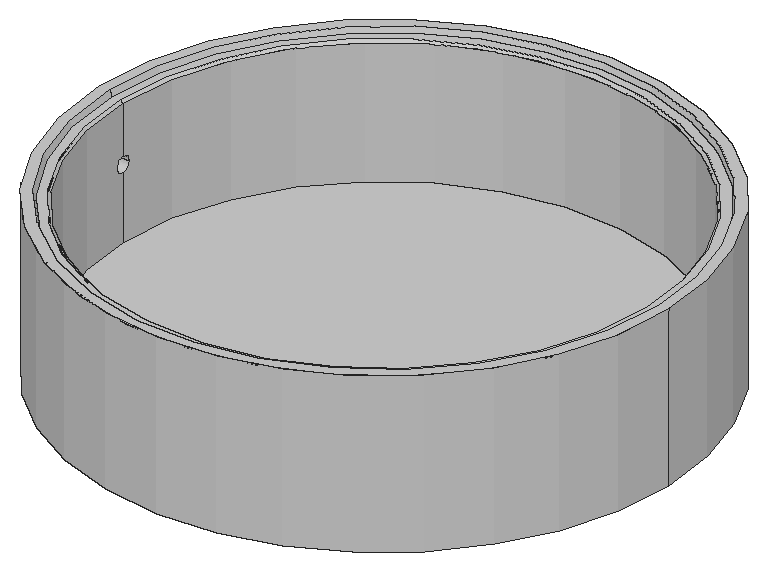
Revit family "KODF 20.6", category Фундамент несущей конструкции, Revit 2025
Family settings
  Материал для поведения модели = Прочее
  Заглушка = Нет
  Номер OmniClass = 23.25.05.00
  Заголовок OmniClass = Foundations
  На основе рабочей плоскости = Нет
  Всегда вертикально = Да
  При загрузке вырезать с полостями = Нет
  Общий = Нет
  Показывать семейство разрезанным на планах = Да
Parameters
  Петля = Петля_П1_П2 : П2
Reference planes
  plane 1 "По центру (Вперед/Назад)": y = -35
  plane 2: z = 0
  plane 3 "По центру (Влево/Вправо)": x = 0
  plane 4: z = 610
  plane 5: through (-1054.295, -4572, 590) normal (-0.9408, 0, -0.3389)
  plane 6: z = 590
  plane 7: z = 580
  plane 8: through (-1010, -4572, 580) normal (-0.7071, 0, -0.7071)
  plane 9: x = -1010
  plane 10: x = -1100
  plane 11: x = -1061.5
  plane 12: z = 370
  plane 13: x = -1090
  plane 14: x = 1010
  plane 15: x = 1100
  plane 16: x = 1090
  plane 17: through (1054.295, -4572, 590) normal (-0.9408, 0, 0.3389)
  plane 18: through (1010, -4572, 580) normal (-0.7071, 0, 0.7071)
  plane 19: x = 1061.5
Forms (mm)
  Extrusion 1, solid, material "Бетон В15"
    sketch origin (0, 0, 0) x (1, 0, 0) y (0, 1, 0)
      loop
        circle (0, -35) r 1100
      loop
        circle (0, -35) r 1010
    from 0 to 610
  Blend 2, void
    base sketch origin (0, 0, 0) x (1, 0, 0) y (0, 1, 0)
      loop
        circle (0, -35) r 1010
    top sketch origin (0, 0, 0) x (1, 0, 0) y (0, 1, 0)
      loop
        circle (0, -35) r 1020
    from 580 to 590
  Blend 3, void
    base sketch origin (0, 0, 0) x (1, 0, 0) y (0, 1, 0)
      loop
        circle (0, -35) r 1054.295
    top sketch origin (0, 0, 0) x (1, 0, 0) y (0, 1, 0)
      loop
        circle (0, -35) r 1061.5
    from 590 to 610
  Extrusion 4, void
    sketch origin (0, 0, 0) x (0, 1, 0) y (0, 0, 1)
      loop
        circle (-35, 370) r 30
    from -1090 to 1090
  Extrusion 5, solid, material "Бетон В15"
    sketch origin (0, 0, 0) x (1, 0, 0) y (0, 1, 0)
      loop
        circle (0, -35) r 1010
    from 0 to 100
Cuts and joins
  Blend 2, Blend 3, Extrusion 4 cuts Extrusion 1
  joined: Extrusion 1, Extrusion 5
Dimensions and locks
  plane 4 to level = 610 mm
  plane 12 to level = 370 mm
  aligned and locked: plane 2 to level
